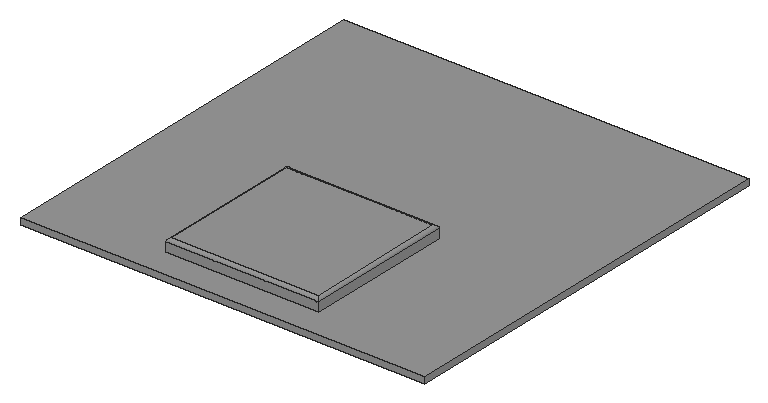
Revit family "AMY1_63_UN_Inlay LED_ETK", category Lighting Fixtures, Revit 2017
Family settings
  Round Connector Dimension = Use Diameter
  Part Type = Normal
  OmniClass Number = 23.80.70.11.14.11
  OmniClass Title = Downlights
  Work Plane-Based = No
  Always vertical = Yes
  Cut with Voids When Loaded = No
  Light Source = No
  Shared = No
  Room Calculation Point = Yes
Parameters (values of type "AMY.1100.15 - 22W / 3000lm / 3000K")
  Wattage Comments = "22W"
  Voltage = 230 V
  URL = "https://www.etk.nl/media/wysiwyg/files/AMY.1.pdf"
  Symbol_Emergency Lighting [instance] = no
  Switch Code [instance] = ""
  Model = "AMY.1"
  Manufacturer = "ETK B.V."
  Luminaire_Body_Material = PPS Plastic
  Luminaire Code [instance] = ""
  Light Source = AMY.1 - Lightsource : AMY.1100.15 - 22W / 3000lm / 3000K
  Lamp = "LED"
  IfcExportType = "USERDEFINED"
  IfcExportAs = "IfcLightFixtureType"
  Description = "Recessed/inlay LED"
  Copyright © IVLighting = "www.ivlighting.nl"
  Bundle = "85°/89°"
  Assembly Code = "63.0"
  Apparent Load = 22 VA
Types (9, lengths in mm): name | Wattage Comments | Light Source | Apparent Load
  (no name) | "22W" | AMY.1 - Lightsource : AMY.1100.15 - 22W / 3000lm / 3000K | 22 VA
  AMY.1100.15 - 22W / 3000lm / 3000K | "22W" | AMY.1 - Lightsource : AMY.1100.15 - 22W / 3000lm / 3000K | 22 VA
  AMY.1200.15 - 22W / 3100lm / 4000K | "22W" | AMY.1 - Lightsource : AMY.1200.15 - 22W / 3100lm / 4000K | 22 VA
  AMY.1300.15 - 31W / 4100lm / 3000K | "31W" | AMY.1 - Lightsource : AMY.1300.15 - 31W / 4100lm / 3000K | 31 VA
  AMY.1400.15 - 31W / 4250lm / 4000K | "31W" | AMY.1 - Lightsource : AMY.1400.15 - 31W / 4250lm / 4000K | 31 VA
  AMY.1103.15 - 22W / 3000lm / 3000K | "22W" | AMY.1 - Lightsource : AMY.1103.15 - 22W / 3000lm / 3000K | 22 VA
  AMY.1203.15 - 22W / 3100lm / 4000K | "22W" | AMY.1 - Lightsource : AMY.1203.15 - 22W / 3100lm / 4000K | 22 VA
  AMY.1303.15 - 31W / 4100lm / 3000K | "31W" | AMY.1 - Lightsource : AMY.1303.15 - 31W / 4100lm / 3000K | 31 VA
  AMY.1403.15 - 31W / 4250lm / 4000K | "31W" | AMY.1 - Lightsource : AMY.1403.15 - 31W / 4250lm / 4000K | 31 VA
Reference planes
  plane 1 "Center (Front/Back)": y = 0
  plane 2: z = 0
  plane 3 "Center (Left/Right)": x = 0
  plane 4: y = 297.5
  plane 5: x = 297.5
  plane 6: y = -297.5
  plane 7: x = -297.5
  plane 8: z = 27
Forms (mm)
  Revolve 1, solid, material "PPS Plastic", not visible
    sketch origin (0, 0, 0) x (1, 0, 0) y (0, 0, 1)
      loop
        line (-108.916, 0) -> (-108.916, -4.099)
        arc (-108.916, -4.099) -> (-108.406, -4.931) -> (-107.486, -5.258) r 1.461
        line (-107.486, -5.258) -> (-97.804, -5.258) -> (-97.804, 0) -> (-108.916, 0)
      axis (0, 0) -> (0, -5.258)
    angle from 0 to 360
  Revolve 2, solid, material "PPS Plastic" <- "Luminaire_Body_Material", not visible
    sketch origin (0, 0, 0) x (1, 0, 0) y (0, 0, 1)
      loop
        line (-98.741, 0) -> (-97.8, 0) -> (-97.8, 10.593) -> (-90.959, 10.593) -> (-90.959, 14.711) -> (-83.412, 14.711) -> (-83.412, 30.415)
        arc (-83.412, 30.415) -> (-77.825, 42.741) -> (-69.855, 53.677) r 66.418
        line (-69.855, 53.677) -> (-69.855, 60.129) -> (-63.553, 60.129) -> (0, 60.129) -> (0, 61.129) -> (-63.553, 61.129) -> (-69.836, 61.129)
        arc (-69.836, 61.129) -> (-70.557, 60.83) -> (-70.855, 60.109) r 1.02
        line (-70.855, 60.109) -> (-70.855, 54.484)
        arc (-70.855, 54.484) -> (-70.927, 54.088) -> (-71.134, 53.743) r 1.124
        arc (-71.134, 53.743) -> (-77.774, 44.767) -> (-82.842, 34.818) r 67.418
        arc (-82.842, 34.818) -> (-84.016, 30.901) -> (-84.412, 26.83) r 21.103
        line (-84.412, 26.83) -> (-84.412, 16.663)
        arc (-84.412, 16.663) -> (-84.691, 15.989) -> (-85.364, 15.711) r 0.952
        line (-85.364, 15.711) -> (-91.959, 15.711) -> (-91.959, 12.616)
        arc (-91.959, 12.616) -> (-92.258, 11.893) -> (-92.981, 11.593) r 1.022
        line (-92.981, 11.593) -> (-97.697, 11.593)
        arc (-97.697, 11.593) -> (-98.435, 11.287) -> (-98.741, 10.549) r 1.045
        line (-98.741, 10.549) -> (-98.741, 0)
      axis (0, 61.129) -> (0, 0)
    angle from 0 to 360
  Revolve 3, solid, material "PPS Plastic" <- "Luminaire_Body_Material", not visible
    sketch origin (0, 0, 0) x (1, 0, 0) y (0, 0, 1)
      loop
        arc (-36.339, 86.471) -> (-49.965, 76.024) -> (-61.793, 63.579) r 109.701
        arc (-61.793, 63.579) -> (-62.487, 62.326) -> (-62.707, 60.91) r 4.094
        line (-62.707, 60.91) -> (0, 60.91) -> (0, 86.471) -> (-36.339, 86.471)
      axis (0, 86.471) -> (0, 60.91)
    angle from 0 to 360
  Extrusion 4, solid, material "PPS Plastic" <- "Luminaire_Body_Material", not visible
    sketch origin (0, 0, 0) x (1, 0, 0) y (0, 1, 0)
      loop
        circle (0, 0) r 45
    from 86.471 to 87.3
  Extrusion 5, solid, material "UHMW, Black", not visible
    sketch origin (0, 0, 195.137) x (-1, 0, 0) y (0, -1, 0)
      loop
        line (-0.938, -10.632) -> (-0.938, -44.99)
        arc (-0.938, -44.99) -> (0, -45) -> (0.938, -44.99) r 45
        line (0.938, -44.99) -> (0.938, -10.681)
        arc (0.938, -10.681) -> (0, -10.671) -> (-0.938, -10.632) r 29.304
    from -107.837 to -82.548
  Extrusion 6, solid, material "UHMW, Black", not visible
    sketch origin (0, 0, 195.137) x (-0.978148, -0.207912, 0) y (0.207912, -0.978148, 0)
      loop
        line (-0.938, -10.632) -> (-0.938, -44.99)
        arc (-0.938, -44.99) -> (0, -45) -> (0.938, -44.99) r 45
        line (0.938, -44.99) -> (0.938, -10.681)
        arc (0.938, -10.681) -> (0, -10.671) -> (-0.938, -10.632) r 29.304
    from -107.837 to -82.548
  Extrusion 7, solid, material "UHMW, Black", not visible
    sketch origin (0, 0, 195.137) x (-0.978148, 0.207912, 0) y (-0.207912, -0.978148, 0)
      loop
        line (-0.938, -10.632) -> (-0.938, -44.99)
        arc (-0.938, -44.99) -> (0, -45) -> (0.938, -44.99) r 45
        line (0.938, -44.99) -> (0.938, -10.681)
        arc (0.938, -10.681) -> (0, -10.671) -> (-0.938, -10.632) r 29.304
    from -107.837 to -82.548
  Extrusion 8, solid, material "UHMW, Black", not visible
    sketch origin (0, 0, 195.137) x (-0.913545, 0.406737, 0) y (-0.406737, -0.913545, 0)
      loop
        line (-0.938, -10.632) -> (-0.938, -44.99)
        arc (-0.938, -44.99) -> (0, -45) -> (0.938, -44.99) r 45
        line (0.938, -44.99) -> (0.938, -10.681)
        arc (0.938, -10.681) -> (0, -10.671) -> (-0.938, -10.632) r 29.304
    from -107.837 to -82.548
  Extrusion 9, solid, material "UHMW, Black", not visible
    sketch origin (0, 0, 195.137) x (-0.809017, 0.587785, 0) y (-0.587785, -0.809017, 0)
      loop
        line (-0.938, -10.632) -> (-0.938, -44.99)
        arc (-0.938, -44.99) -> (0, -45) -> (0.938, -44.99) r 45
        line (0.938, -44.99) -> (0.938, -10.681)
        arc (0.938, -10.681) -> (0, -10.671) -> (-0.938, -10.632) r 29.304
    from -107.837 to -82.548
  Extrusion 10, solid, material "UHMW, Black", not visible
    sketch origin (0, 0, 195.137) x (-0.669131, 0.743145, 0) y (-0.743145, -0.669131, 0)
      loop
        line (-0.938, -10.632) -> (-0.938, -44.99)
        arc (-0.938, -44.99) -> (0, -45) -> (0.938, -44.99) r 45
        line (0.938, -44.99) -> (0.938, -10.681)
        arc (0.938, -10.681) -> (0, -10.671) -> (-0.938, -10.632) r 29.304
    from -107.837 to -82.548
  Extrusion 11, solid, material "UHMW, Black", not visible
    sketch origin (0, 0, 195.137) x (-0.5, 0.866025, 0) y (-0.866025, -0.5, 0)
      loop
        line (-0.938, -10.632) -> (-0.938, -44.99)
        arc (-0.938, -44.99) -> (0, -45) -> (0.938, -44.99) r 45
        line (0.938, -44.99) -> (0.938, -10.681)
        arc (0.938, -10.681) -> (0, -10.671) -> (-0.938, -10.632) r 29.304
    from -107.837 to -82.548
  Extrusion 12, solid, material "UHMW, Black", not visible
    sketch origin (0, 0, 195.137) x (-0.309017, 0.951057, 0) y (-0.951057, -0.309017, 0)
      loop
        line (-0.938, -10.632) -> (-0.938, -44.99)
        arc (-0.938, -44.99) -> (0, -45) -> (0.938, -44.99) r 45
        line (0.938, -44.99) -> (0.938, -10.681)
        arc (0.938, -10.681) -> (0, -10.671) -> (-0.938, -10.632) r 29.304
    from -107.837 to -82.548
  Extrusion 13, solid, material "UHMW, Black", not visible
    sketch origin (0, 0, 195.137) x (-0.104528, 0.994522, 0) y (-0.994522, -0.104528, 0)
      loop
        line (-0.938, -10.632) -> (-0.938, -44.99)
        arc (-0.938, -44.99) -> (0, -45) -> (0.938, -44.99) r 45
        line (0.938, -44.99) -> (0.938, -10.681)
        arc (0.938, -10.681) -> (0, -10.671) -> (-0.938, -10.632) r 29.304
    from -107.837 to -82.548
  Extrusion 14, solid, material "UHMW, Black", not visible
    sketch origin (0, 0, 195.137) x (0.104528, 0.994522, 0) y (-0.994522, 0.104528, 0)
      loop
        line (-0.938, -10.632) -> (-0.938, -44.99)
        arc (-0.938, -44.99) -> (0, -45) -> (0.938, -44.99) r 45
        line (0.938, -44.99) -> (0.938, -10.681)
        arc (0.938, -10.681) -> (0, -10.671) -> (-0.938, -10.632) r 29.304
    from -107.837 to -82.548
  Extrusion 15, solid, material "UHMW, Black", not visible
    sketch origin (0, 0, 195.137) x (0.309017, 0.951057, 0) y (-0.951057, 0.309017, 0)
      loop
        line (-0.938, -10.632) -> (-0.938, -44.99)
        arc (-0.938, -44.99) -> (0, -45) -> (0.938, -44.99) r 45
        line (0.938, -44.99) -> (0.938, -10.681)
        arc (0.938, -10.681) -> (0, -10.671) -> (-0.938, -10.632) r 29.304
    from -107.837 to -82.548
  Extrusion 16, solid, material "UHMW, Black", not visible
    sketch origin (0, 0, 195.137) x (0.5, 0.866025, 0) y (-0.866025, 0.5, 0)
      loop
        line (-0.938, -10.632) -> (-0.938, -44.99)
        arc (-0.938, -44.99) -> (0, -45) -> (0.938, -44.99) r 45
        line (0.938, -44.99) -> (0.938, -10.681)
        arc (0.938, -10.681) -> (0, -10.671) -> (-0.938, -10.632) r 29.304
    from -107.837 to -82.548
  Extrusion 17, solid, material "UHMW, Black", not visible
    sketch origin (0, 0, 195.137) x (0.669131, 0.743145, 0) y (-0.743145, 0.669131, 0)
      loop
        line (-0.938, -10.632) -> (-0.938, -44.99)
        arc (-0.938, -44.99) -> (0, -45) -> (0.938, -44.99) r 45
        line (0.938, -44.99) -> (0.938, -10.681)
        arc (0.938, -10.681) -> (0, -10.671) -> (-0.938, -10.632) r 29.304
    from -107.837 to -82.548
  Extrusion 18, solid, material "UHMW, Black", not visible
    sketch origin (0, 0, 195.137) x (0.809017, 0.587785, 0) y (-0.587785, 0.809017, 0)
      loop
        line (-0.938, -10.632) -> (-0.938, -44.99)
        arc (-0.938, -44.99) -> (0, -45) -> (0.938, -44.99) r 45
        line (0.938, -44.99) -> (0.938, -10.681)
        arc (0.938, -10.681) -> (0, -10.671) -> (-0.938, -10.632) r 29.304
    from -107.837 to -82.548
  Extrusion 19, solid, material "UHMW, Black", not visible
    sketch origin (0, 0, 195.137) x (0.913545, 0.406737, 0) y (-0.406737, 0.913545, 0)
      loop
        line (-0.938, -10.632) -> (-0.938, -44.99)
        arc (-0.938, -44.99) -> (0, -45) -> (0.938, -44.99) r 45
        line (0.938, -44.99) -> (0.938, -10.681)
        arc (0.938, -10.681) -> (0, -10.671) -> (-0.938, -10.632) r 29.304
    from -107.837 to -82.548
  Extrusion 20, solid, material "UHMW, Black", not visible
    sketch origin (0, 0, 195.137) x (0.978148, 0.207912, 0) y (-0.207912, 0.978148, 0)
      loop
        line (-0.938, -10.632) -> (-0.938, -44.99)
        arc (-0.938, -44.99) -> (0, -45) -> (0.938, -44.99) r 45
        line (0.938, -44.99) -> (0.938, -10.681)
        arc (0.938, -10.681) -> (0, -10.671) -> (-0.938, -10.632) r 29.304
    from -107.837 to -82.548
  Extrusion 21, solid, material "UHMW, Black", not visible
    sketch origin (0, 0, 195.137) x (1, 0, 0) y (0, 1, 0)
      loop
        line (-0.938, -10.632) -> (-0.938, -44.99)
        arc (-0.938, -44.99) -> (0, -45) -> (0.938, -44.99) r 45
        line (0.938, -44.99) -> (0.938, -10.681)
        arc (0.938, -10.681) -> (0, -10.671) -> (-0.938, -10.632) r 29.304
    from -107.837 to -82.548
  Extrusion 22, solid, material "UHMW, Black", not visible
    sketch origin (0, 0, 195.137) x (0.978148, -0.207912, 0) y (0.207912, 0.978148, 0)
      loop
        line (-0.938, -10.632) -> (-0.938, -44.99)
        arc (-0.938, -44.99) -> (0, -45) -> (0.938, -44.99) r 45
        line (0.938, -44.99) -> (0.938, -10.681)
        arc (0.938, -10.681) -> (0, -10.671) -> (-0.938, -10.632) r 29.304
    from -107.837 to -82.548
  Extrusion 23, solid, material "UHMW, Black", not visible
    sketch origin (0, 0, 195.137) x (0.913545, -0.406737, 0) y (0.406737, 0.913545, 0)
      loop
        line (-0.938, -10.632) -> (-0.938, -44.99)
        arc (-0.938, -44.99) -> (0, -45) -> (0.938, -44.99) r 45
        line (0.938, -44.99) -> (0.938, -10.681)
        arc (0.938, -10.681) -> (0, -10.671) -> (-0.938, -10.632) r 29.304
    from -107.837 to -82.548
  Extrusion 24, solid, material "UHMW, Black", not visible
    sketch origin (0, 0, 195.137) x (0.809017, -0.587785, 0) y (0.587785, 0.809017, 0)
      loop
        line (-0.938, -10.632) -> (-0.938, -44.99)
        arc (-0.938, -44.99) -> (0, -45) -> (0.938, -44.99) r 45
        line (0.938, -44.99) -> (0.938, -10.681)
        arc (0.938, -10.681) -> (0, -10.671) -> (-0.938, -10.632) r 29.304
    from -107.837 to -82.548
  Extrusion 25, solid, material "UHMW, Black", not visible
    sketch origin (0, 0, 195.137) x (0.669131, -0.743145, 0) y (0.743145, 0.669131, 0)
      loop
        line (-0.938, -10.632) -> (-0.938, -44.99)
        arc (-0.938, -44.99) -> (0, -45) -> (0.938, -44.99) r 45
        line (0.938, -44.99) -> (0.938, -10.681)
        arc (0.938, -10.681) -> (0, -10.671) -> (-0.938, -10.632) r 29.304
    from -107.837 to -82.548
  Extrusion 26, solid, material "UHMW, Black", not visible
    sketch origin (0, 0, 195.137) x (0.5, -0.866025, 0) y (0.866025, 0.5, 0)
      loop
        line (-0.938, -10.632) -> (-0.938, -44.99)
        arc (-0.938, -44.99) -> (0, -45) -> (0.938, -44.99) r 45
        line (0.938, -44.99) -> (0.938, -10.681)
        arc (0.938, -10.681) -> (0, -10.671) -> (-0.938, -10.632) r 29.304
    from -107.837 to -82.548
  Extrusion 27, solid, material "UHMW, Black", not visible
    sketch origin (0, 0, 195.137) x (0.309017, -0.951057, 0) y (0.951057, 0.309017, 0)
      loop
        line (-0.938, -10.632) -> (-0.938, -44.99)
        arc (-0.938, -44.99) -> (0, -45) -> (0.938, -44.99) r 45
        line (0.938, -44.99) -> (0.938, -10.681)
        arc (0.938, -10.681) -> (0, -10.671) -> (-0.938, -10.632) r 29.304
    from -107.837 to -82.548
  Extrusion 28, solid, material "UHMW, Black", not visible
    sketch origin (0, 0, 195.137) x (0.104528, -0.994522, 0) y (0.994522, 0.104528, 0)
      loop
        line (-0.938, -10.632) -> (-0.938, -44.99)
        arc (-0.938, -44.99) -> (0, -45) -> (0.938, -44.99) r 45
        line (0.938, -44.99) -> (0.938, -10.681)
        arc (0.938, -10.681) -> (0, -10.671) -> (-0.938, -10.632) r 29.304
    from -107.837 to -82.548
  Extrusion 29, solid, material "UHMW, Black", not visible
    sketch origin (0, 0, 195.137) x (-0.104528, -0.994522, 0) y (0.994522, -0.104528, 0)
      loop
        line (-0.938, -10.632) -> (-0.938, -44.99)
        arc (-0.938, -44.99) -> (0, -45) -> (0.938, -44.99) r 45
        line (0.938, -44.99) -> (0.938, -10.681)
        arc (0.938, -10.681) -> (0, -10.671) -> (-0.938, -10.632) r 29.304
    from -107.837 to -82.548
  Extrusion 30, solid, material "UHMW, Black", not visible
    sketch origin (0, 0, 195.137) x (-0.309017, -0.951057, 0) y (0.951057, -0.309017, 0)
      loop
        line (-0.938, -10.632) -> (-0.938, -44.99)
        arc (-0.938, -44.99) -> (0, -45) -> (0.938, -44.99) r 45
        line (0.938, -44.99) -> (0.938, -10.681)
        arc (0.938, -10.681) -> (0, -10.671) -> (-0.938, -10.632) r 29.304
    from -107.837 to -82.548
  Extrusion 31, solid, material "UHMW, Black", not visible
    sketch origin (0, 0, 195.137) x (-0.5, -0.866025, 0) y (0.866025, -0.5, 0)
      loop
        line (-0.938, -10.632) -> (-0.938, -44.99)
        arc (-0.938, -44.99) -> (0, -45) -> (0.938, -44.99) r 45
        line (0.938, -44.99) -> (0.938, -10.681)
        arc (0.938, -10.681) -> (0, -10.671) -> (-0.938, -10.632) r 29.304
    from -107.837 to -82.548
  Extrusion 32, solid, material "UHMW, Black", not visible
    sketch origin (0, 0, 195.137) x (-0.669131, -0.743145, 0) y (0.743145, -0.669131, 0)
      loop
        line (-0.938, -10.632) -> (-0.938, -44.99)
        arc (-0.938, -44.99) -> (0, -45) -> (0.938, -44.99) r 45
        line (0.938, -44.99) -> (0.938, -10.681)
        arc (0.938, -10.681) -> (0, -10.671) -> (-0.938, -10.632) r 29.304
    from -107.837 to -82.548
  Extrusion 33, solid, material "UHMW, Black", not visible
    sketch origin (0, 0, 195.137) x (-0.809017, -0.587785, 0) y (0.587785, -0.809017, 0)
      loop
        line (-0.938, -10.632) -> (-0.938, -44.99)
        arc (-0.938, -44.99) -> (0, -45) -> (0.938, -44.99) r 45
        line (0.938, -44.99) -> (0.938, -10.681)
        arc (0.938, -10.681) -> (0, -10.671) -> (-0.938, -10.632) r 29.304
    from -107.837 to -82.548
  Extrusion 34, solid, material "UHMW, Black", not visible
    sketch origin (0, 0, 195.137) x (-0.913545, -0.406737, 0) y (0.406737, -0.913545, 0)
      loop
        line (-0.938, -10.632) -> (-0.938, -44.99)
        arc (-0.938, -44.99) -> (0, -45) -> (0.938, -44.99) r 45
        line (0.938, -44.99) -> (0.938, -10.681)
        arc (0.938, -10.681) -> (0, -10.671) -> (-0.938, -10.632) r 29.304
    from -107.837 to -82.548
  Extrusion 35, solid, material "PPS Plastic" <- "Luminaire_Body_Material", not visible
    sketch origin (0.938, 0, 0) x (1, 0, 0) y (0, 0, 1)
      loop
        line (-90.709, 14.711) -> (-89.709, 14.711) -> (-89.709, 47.263)
        arc (-89.709, 47.263) -> (-89.547, 48.318) -> (-89.074, 49.276) r 3.51
        line (-89.074, 49.276) -> (-63.792, 85.382)
        arc (-63.792, 85.382) -> (-62.879, 86.183) -> (-61.7, 86.471) r 2.554
        line (-61.7, 86.471) -> (-36.836, 86.471) -> (-36.836, 87.3) -> (-62.068, 87.3)
        arc (-62.068, 87.3) -> (-63.489, 86.952) -> (-64.589, 85.988) r 3.078
        line (-64.589, 85.988) -> (-90.082, 49.58)
        arc (-90.082, 49.58) -> (-90.549, 48.634) -> (-90.709, 47.591) r 3.468
        line (-90.709, 47.591) -> (-90.709, 14.711)
    from -18.722 to 17.678
  Extrusion 36, solid, material "PPS Plastic" <- "Luminaire_Body_Material", not visible
    sketch origin (-0.938, 0, 0) x (-1, 0, 0) y (0, 0, -1)
      loop
        line (-90.709, -14.711) -> (-90.709, -47.591)
        arc (-90.709, -47.591) -> (-90.549, -48.634) -> (-90.082, -49.58) r 3.468
        line (-90.082, -49.58) -> (-64.589, -85.988)
        arc (-64.589, -85.988) -> (-63.489, -86.952) -> (-62.068, -87.3) r 3.078
        line (-62.068, -87.3) -> (-36.836, -87.3) -> (-36.836, -86.471) -> (-61.7, -86.471)
        arc (-61.7, -86.471) -> (-62.879, -86.183) -> (-63.792, -85.382) r 2.554
        line (-63.792, -85.382) -> (-89.074, -49.276)
        arc (-89.074, -49.276) -> (-89.547, -48.318) -> (-89.709, -47.263) r 3.51
        line (-89.709, -47.263) -> (-89.709, -14.711) -> (-90.709, -14.711)
    from -18.722 to 17.678
  Revolve 37, solid, material "PPS Plastic", not visible
    sketch origin (0, 0, 0) x (1, 0, 0) y (0, 0, 1)
      loop
        arc (-61.908, 31.25) -> (-81.159, 16.629) -> (-98.212, -0.504) r 175.119
        line (-98.212, -0.504) -> (-98.212, -1.729)
        arc (-98.212, -1.729) -> (-81.093, 15.622) -> (-61.721, 30.415) r 174.319
        line (-61.721, 30.415) -> (0, 30.415) -> (0, 31.25) -> (-61.908, 31.25)
      axis (0, 31.25) -> (0, -1.729)
    angle from 0 to 360
  Revolve 38, solid, material "Glass, White, High Luminance", not visible
    sketch origin (0, 0, 0) x (1, 0, 0) y (0, 0, 1)
      loop
        line (-63.082, 29.507) -> (0, 29.507) -> (0, 30.415) -> (-61.721, 30.415)
        arc (-61.721, 30.415) -> (-62.416, 29.983) -> (-63.082, 29.507) r 12.642
      axis (0, 30.415) -> (0, 29.415)
    angle from 0 to 360
  Extrusion 39, solid, material "PPS Plastic" <- "Luminaire_Body_Material"
    sketch origin (0, 0, 0) x (1, 0, 0) y (0, 1, 0)
      loop
        line (-297.5, 297.5) -> (-297.5, -297.5) -> (297.5, -297.5) -> (297.5, 297.5) -> (-297.5, 297.5)
      loop
        arc (-256.517, 271.903) -> (-267.124, 267.509) -> (-271.517, 256.903) r 15
        line (-271.517, 256.903) -> (-271.517, 26.903)
        arc (-271.517, 26.903) -> (-267.124, 16.296) -> (-256.517, 11.903) r 15
        line (-256.517, 11.903) -> (-186.517, 11.903)
        arc (-186.517, 11.903) -> (-175.91, 16.296) -> (-171.517, 26.903) r 15
        line (-171.517, 26.903) -> (-171.517, 256.903)
        arc (-171.517, 256.903) -> (-175.91, 267.509) -> (-186.517, 271.903) r 15
        line (-186.517, 271.903) -> (-256.517, 271.903)
      loop
        line (-256.517, -271.903) -> (-186.517, -271.903)
        arc (-186.517, -271.903) -> (-175.91, -267.509) -> (-171.517, -256.903) r 15
        line (-171.517, -256.903) -> (-171.517, -26.903)
        arc (-171.517, -26.903) -> (-175.91, -16.296) -> (-186.517, -11.903) r 15
        line (-186.517, -11.903) -> (-256.517, -11.903)
        arc (-256.517, -11.903) -> (-267.124, -16.296) -> (-271.517, -26.903) r 15
        line (-271.517, -26.903) -> (-271.517, -256.903)
        arc (-271.517, -256.903) -> (-267.124, -267.509) -> (-256.517, -271.903) r 15
      loop
        line (256.517, 271.903) -> (186.517, 271.903)
        arc (186.517, 271.903) -> (175.91, 267.509) -> (171.517, 256.903) r 15
        line (171.517, 256.903) -> (171.517, 26.903)
        arc (171.517, 26.903) -> (175.91, 16.296) -> (186.517, 11.903) r 15
        line (186.517, 11.903) -> (256.517, 11.903)
        arc (256.517, 11.903) -> (267.124, 16.296) -> (271.517, 26.903) r 15
        line (271.517, 26.903) -> (271.517, 256.903)
        arc (271.517, 256.903) -> (267.124, 267.509) -> (256.517, 271.903) r 15
      loop
        arc (256.517, -271.903) -> (267.124, -267.509) -> (271.517, -256.903) r 15
        line (271.517, -256.903) -> (271.517, -26.903)
        arc (271.517, -26.903) -> (267.124, -16.296) -> (256.517, -11.903) r 15
        line (256.517, -11.903) -> (186.517, -11.903)
        arc (186.517, -11.903) -> (175.91, -16.296) -> (171.517, -26.903) r 15
        line (171.517, -26.903) -> (171.517, -256.903)
        arc (171.517, -256.903) -> (175.91, -267.509) -> (186.517, -271.903) r 15
        line (186.517, -271.903) -> (256.517, -271.903)
    from 0 to 9
  Extrusion 40, solid, material "Glass, White, High Luminance"
    sketch origin (0, 0, 0) x (1, 0, 0) y (0, 1, 0)
      loop
        arc (-256.517, 271.903) -> (-267.124, 267.509) -> (-271.517, 256.903) r 15
        line (-271.517, 256.903) -> (-271.517, 26.903)
        arc (-271.517, 26.903) -> (-267.124, 16.296) -> (-256.517, 11.903) r 15
        line (-256.517, 11.903) -> (-186.517, 11.903)
        arc (-186.517, 11.903) -> (-175.91, 16.296) -> (-171.517, 26.903) r 15
        line (-171.517, 26.903) -> (-171.517, 256.903)
        arc (-171.517, 256.903) -> (-175.91, 267.509) -> (-186.517, 271.903) r 15
        line (-186.517, 271.903) -> (-256.517, 271.903)
      loop
        line (-256.517, -271.903) -> (-186.517, -271.903)
        arc (-186.517, -271.903) -> (-175.91, -267.509) -> (-171.517, -256.903) r 15
        line (-171.517, -256.903) -> (-171.517, -26.903)
        arc (-171.517, -26.903) -> (-175.91, -16.296) -> (-186.517, -11.903) r 15
        line (-186.517, -11.903) -> (-256.517, -11.903)
        arc (-256.517, -11.903) -> (-267.124, -16.296) -> (-271.517, -26.903) r 15
        line (-271.517, -26.903) -> (-271.517, -256.903)
        arc (-271.517, -256.903) -> (-267.124, -267.509) -> (-256.517, -271.903) r 15
      loop
        line (256.517, 271.903) -> (186.517, 271.903)
        arc (186.517, 271.903) -> (175.91, 267.509) -> (171.517, 256.903) r 15
        line (171.517, 256.903) -> (171.517, 26.903)
        arc (171.517, 26.903) -> (175.91, 16.296) -> (186.517, 11.903) r 15
        line (186.517, 11.903) -> (256.517, 11.903)
        arc (256.517, 11.903) -> (267.124, 16.296) -> (271.517, 26.903) r 15
        line (271.517, 26.903) -> (271.517, 256.903)
        arc (271.517, 256.903) -> (267.124, 267.509) -> (256.517, 271.903) r 15
      loop
        arc (256.517, -271.903) -> (267.124, -267.509) -> (271.517, -256.903) r 15
        line (271.517, -256.903) -> (271.517, -26.903)
        arc (271.517, -26.903) -> (267.124, -16.296) -> (256.517, -11.903) r 15
        line (256.517, -11.903) -> (186.517, -11.903)
        arc (186.517, -11.903) -> (175.91, -16.296) -> (171.517, -26.903) r 15
        line (171.517, -26.903) -> (171.517, -256.903)
        arc (171.517, -256.903) -> (175.91, -267.509) -> (186.517, -271.903) r 15
        line (186.517, -271.903) -> (256.517, -271.903)
    from 0 to 4.143
  Extrusion 41, solid, material "PPS Plastic" <- "Luminaire_Body_Material"
    sketch origin (0, 0, 0) x (1, 0, 0) y (0, 1, 0)
      loop
        line (-297.5, 297.5) -> (-297.5, -297.5) -> (297.5, -297.5) -> (297.5, 297.5) -> (-297.5, 297.5)
    from 4.143 to 9
  Extrusion 42, solid, material "PPS Plastic" <- "Luminaire_Body_Material"
    sketch origin (0, 0, 0) x (1, 0, 0) y (0, 0, 1)
      loop
        line (-112.074, 9) -> (102.926, 9) -> (102.926, 27) -> (-112.074, 27) -> (-112.074, 9)
    from 39.196 to 250
  Sweep 43, solid, material "PPS Plastic" <- "Luminaire_Body_Material"
    path origin (0, 0, 0) x (1, 0, 0) y (0, 1, 0)
      loop
        line (-117.074, -255) -> (107.926, -255) -> (107.926, -34.196) -> (-117.074, -34.196) -> (-117.074, -255)
    profile origin (-117.074, -144.598, 0) x (-1, 0, 0) y (0, 0, 1)
      loop
        line (0, 9) -> (0, 22)
        arc (0, 22) -> (-1.464, 25.536) -> (-5, 27) r 5
        line (-5, 27) -> (-5, 9) -> (0, 9)
Cuts and joins
  joined: Extrusion 39, Extrusion 41
  joined: Extrusion 42, Sweep 43
Dimensions and locks
  plane 8 to level = 27 mm
  aligned and locked: level to plane 2
  aligned and locked: Extrusion 39 to plane 4
  aligned and locked: Extrusion 39 to plane 6
  aligned and locked: plane 7 to Extrusion 39
  aligned and locked: plane 5 to Extrusion 39
Nested families
  nested 1: "AMY.1 - Lightsource" at (0, 0, -0.02), type <- "Light Source", type "AMY.1100.15 - 22W / 3000lm / 3000K"
  nested 2: "AMY.1 Light_Symbol_IVL" at (0, 0, 0) x (-1, 0, 0) z (0, 0, 1), type "AMY.1 Light_Symbol_IVL"
Connectors
  electrical at (0, 0, 9), driven by "Apparent Load", driven by "Voltage"
    settings: on cut or joined group of Extrusion 39, Extrusion 41, index 1, voltage 230 V, apparent load 0 VA, apparent load phase1 22 VA, apparent load phase2 0 VA, apparent load phase3 0 VA, power factor 1, load classification "Lighting", number of poles 1, system type 31, power factor state 1, is connector primary yes, connector utility no, sub classification motor no, connector description ""
Definition of nested family "AMY.1 - Lightsource"
  Parameters (values of type "AMY.1403.15 - 31W / 4250lm / 4000K")
    Wattage Comments = "31W"
    Wattage = 28.6114 W
    built-in parameter 1150110 = 1 (stored number, unit not read)
    URL = "https://www.etk.nl/?___store=en&___from_store=nl"
    built-in parameter 1114217 = 1 (stored number, unit not read)
    Tilt Angle = 90.00°
    built-in parameter 1150109 = 1 (stored number, unit not read)
    built-in parameter 1150134 = 12
    built-in parameter 1150113 = 1 (stored number, unit not read)
    Photometric Web File = "AMY.1403.15_LDT.ies"
    Model = "AMY.1"
    Manufacturer = "ETK B.V."
    built-in parameter 1150105 = 1034.3 (stored number, unit not read)
    Lumens = 4250 lm
    built-in parameter 1150115 = 1 (stored number, unit not read)
    built-in parameter 1150137 = (empty or 0)
    built-in parameter 1150139 = (empty or 0)
    built-in parameter 1150112 = 1 (stored number, unit not read)
    built-in parameter 1150114 = 1 (stored number, unit not read)
    Lamp = "LED"
    Keynote = ""
    built-in parameter 1150132 = 2
    built-in parameter 1150102 = (empty or 0)
    built-in parameter 1150107 = 4000 (stored number, unit not read)
    built-in parameter 1150138 = (empty or 0)
    built-in parameter 1150106 = 10.343 (stored number, unit not read)
    built-in parameter 1150104 = 13.8 (stored number, unit not read)
    Dimming Lamp Color Temperature Shift = (empty or 0)
    Description = "Light sources"
    Copyright © IVLighting = "www.ivlighting.nl"
    Color Filter = 16777215
    Bundle = "85°/89°"
    built-in parameter 1114218 = 1 (stored number, unit not read)
    built-in parameter 1150133 = 10 (stored number, unit not read)
    Assembly Code = "63.0"
    Apparent Load = 31 VA
  Types (8, lengths in mm): name | Wattage Comments | Wattage | built-in parameter 1150134 | Photometric Web File | built-in parameter 1150105 | Lumens | built-in parameter 1150107 | built-in parameter 1150106 | Apparent Load
    AMY.1100.15 - 22W / 3000lm / 3000K | "22W" | 20.1963 W | (empty or 0) | "AMY.1100.15_LDT.ies" | 730.1 (stored number, unit not read) | 3000 lm | 3000 (stored number, unit not read) | 7.301 (stored number, unit not read) | 22 VA
    AMY.1200.15 - 22W / 3100lm / 4000K | "22W" | 20.8695 W | 12 | "AMY.1200.15_LDT.ies" | 754.43 (stored number, unit not read) | 3100 lm | 4000 (stored number, unit not read) | 7.5443 (stored number, unit not read) | 22 VA
    AMY.1300.15 - 31W / 4100lm / 3000K | "31W" | 27.6016 W | (empty or 0) | "AMY.1300.15_LDT.ies" | 997.8 (stored number, unit not read) | 4100 lm | 3000 (stored number, unit not read) | 9.978 (stored number, unit not read) | 31 VA
    AMY.1400.15 - 31W / 4250lm / 4000K | "31W" | 28.6114 W | 12 | "AMY.1400.15_LDT.ies" | 1034.3 (stored number, unit not read) | 4250 lm | 4000 (stored number, unit not read) | 10.343 (stored number, unit not read) | 31 VA
    AMY.1103.15 - 22W / 3000lm / 3000K | "22W" | 20.1963 W | (empty or 0) | "AMY.1103.15_LDT.ies" | 730.1 (stored number, unit not read) | 3000 lm | 3000 (stored number, unit not read) | 7.301 (stored number, unit not read) | 22 VA
    AMY.1203.15 - 22W / 3100lm / 4000K | "22W" | 20.8695 W | 12 | "AMY.1203.15_LDT.ies" | 754.43 (stored number, unit not read) | 3100 lm | 4000 (stored number, unit not read) | 7.5443 (stored number, unit not read) | 22 VA
    AMY.1303.15 - 31W / 4100lm / 3000K | "31W" | 27.6016 W | (empty or 0) | "AMY.1303.15_LDT.ies" | 997.8 (stored number, unit not read) | 4100 lm | 3000 (stored number, unit not read) | 9.978 (stored number, unit not read) | 31 VA
    AMY.1403.15 - 31W / 4250lm / 4000K | "31W" | 28.6114 W | 12 | "AMY.1403.15_LDT.ies" | 1034.3 (stored number, unit not read) | 4250 lm | 4000 (stored number, unit not read) | 10.343 (stored number, unit not read) | 31 VA
  Reference planes
    plane 1 "Center (Front/Back)": y = 0
    plane 2: z = 0
    plane 3 "Center (Left/Right)": x = 0
  Dimensions and locks
    aligned and locked: level to plane 2
Definition of nested family "AMY.1 Light_Symbol_IVL"
  Parameters (values of type "AMY.1 Light_Symbol_IVL")
    Symbol_Emergency Lighting = no
  Reference planes
    plane 1: y = 0
    plane 2: x = 0
  Lines and regions (mm)
    Filled region 1, type "Filled region 1", visible <- "Symbol_Emergency Lighting"
      outline origin (-2.975, 2.975, 0) x (1, 0, 0) y (0, 1, 0)
        loop
          line (0, 0) -> (0, -5.95) -> (2.975, -2.975) -> (0, 0)
    Filled region 2, type "Filled region 1", visible <- "Symbol_Emergency Lighting"
      outline origin (2.975, 2.975, 0) x (0, 1, 0) y (-1, 0, 0)
        loop
          line (0, 0) -> (-2.975, 2.975) -> (-5.95, 0) -> (0, 0)
    detail lines
      curve 1: line (-2.975, 2.975, 0) -> (2.975, 2.975, 0)
      curve 2: line (-2.975, -2.975, 0) -> (-2.975, 2.975, 0)
      curve 3: line (2.975, -2.975, 0) -> (-2.975, -2.975, 0)
      curve 4: line (2.975, 2.975, 0) -> (2.975, -2.975, 0)
